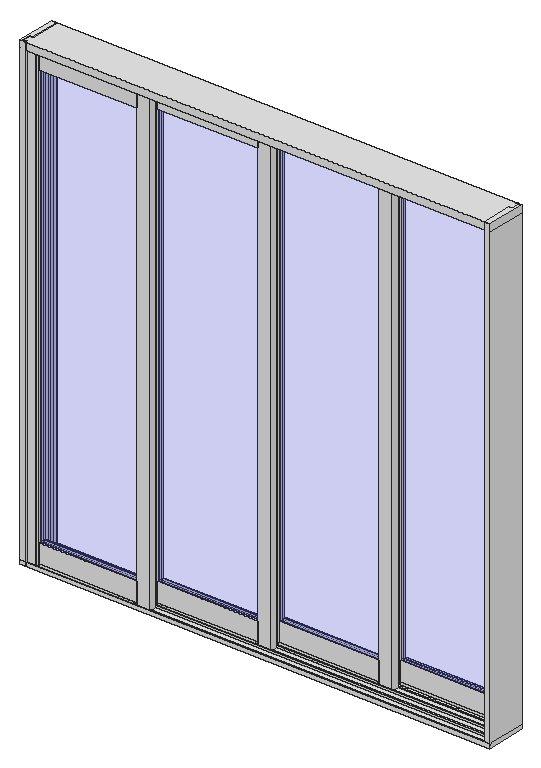
Revit family "Door-Sliding-All_Weather-Series_8100-Single_Parting", category Doors, host Wall, Revit 2026 (continued)
Definition of nested family "Nested-Panel-All_Weather-Series_8100"
  Definition of nested family "Detail-All_Weather-Series_8100_Post_Left"
    Dimensions and locks (in)
      plane 4 "Top" to Masking region 6 sketch curve to Masking region 6 sketch curve to Masking region 6 sketch curve to Masking region 6 sketch curve to Masking region 6 sketch curve to Masking region 6 sketch curve to Masking region 6 sketch curve to Masking region 6 sketch curve to Masking region 6 sketch curve to Masking region 6 sketch curve to Masking region 6 sketch curve to Masking region 6 sketch curve to Masking region 6 sketch curve to Masking region 6 sketch curve to Masking region 6 sketch curve to Masking region 6 sketch curve to Masking region 6 sketch curve to Masking region 6 sketch curve to Masking region 6 sketch curve to Masking region 6 sketch curve to Masking region 6 sketch curve to Masking region 6 sketch curve to Masking region 6 sketch curve to Masking region 6 sketch curve to Masking region 6 sketch curve to Masking region 6 sketch curve to Masking region 6 sketch curve to Masking region 6 sketch curve to Masking region 6 sketch curve to Masking region 6 sketch curve to Masking region 6 sketch curve to Masking region 6 sketch curve to Masking region 6 sketch curve to Masking region 6 sketch curve to Masking region 6 sketch curve to Masking region 6 sketch curve to Masking region 6 sketch curve to Masking region 6 sketch curve to Masking region 6 sketch curve to Masking region 6 sketch curve to Masking region 6 sketch curve to Masking region 6 sketch curve to Masking region 6 sketch curve to Masking region 6 sketch curve to Masking region 6 sketch curve to Masking region 6 sketch curve to Masking region 6 sketch curve to Masking region 6 sketch curve to Masking region 6 sketch curve to Masking region 6 sketch curve to Masking region 6 sketch curve = 0' - 0.80725" locked, 0' - 0.01406" locked, 0' - 0.0507" locked, 0' - 0" locked, 0' - 0.01004" locked, 0' - 0.02545" locked, 0' - 0" locked, 0' - 0.00976" locked, 0' - 0" locked, 0' - 0.00711" locked, 0' - 0" locked, 0' - 0.00129" locked, 0' - 0" locked, 0' - 0.00225" locked, 0' - 0" locked, 0' - 0.01711" locked, 0' - 0" locked, 0' - 0.00351" locked, 0' - 0" locked, 0' - 0.02027" locked, 0' - 0" locked, 0' - 0.01002" locked, 0' - 0.01153" locked, 0' - 0" locked, 0' - 0.01711" locked, 0' - 0" locked, 0' - 0.0035" locked, 0' - 0" locked, 0' - 0.00656" locked, 0' - 0.00198" locked, 0' - 0.03646" locked, 0' - 0.00627" locked, 0' - 0" locked, 0' - 0.04882" locked, 0' - 0.01723" locked, 0' - 0.02601" locked, 0' - 0.00415", 0' - 0.07129", 0' - 0.33521", 0' - 0.07129" locked, 0' - 0.00415" locked, 0' - 0.02601" locked, 0' - 0.01723" locked, 0' - 0.05509", 0' - 0.03646", 0' - 0.00198" locked, 0' - 0.0387", 0' - 0.03029", 0' - 0" locked, 0' - 0.02286", 0' - 0" locked
      plane 5 "Front" to Masking region 6 sketch curve to Masking region 6 sketch curve to Masking region 6 sketch curve to Masking region 6 sketch curve to Masking region 6 sketch curve to Masking region 6 sketch curve to Masking region 6 sketch curve to Masking region 6 sketch curve to Masking region 6 sketch curve to Masking region 6 sketch curve to Masking region 6 sketch curve to Masking region 6 sketch curve to Masking region 6 sketch curve to Masking region 6 sketch curve to Masking region 6 sketch curve to Masking region 6 sketch curve to Masking region 6 sketch curve to Masking region 6 sketch curve to Masking region 6 sketch curve to Masking region 6 sketch curve to Masking region 6 sketch curve to Masking region 6 sketch curve to Masking region 6 sketch curve to Masking region 6 sketch curve to Masking region 6 sketch curve to Masking region 6 sketch curve to Masking region 6 sketch curve to Masking region 6 sketch curve to Masking region 6 sketch curve to Masking region 6 sketch curve to Masking region 6 sketch curve to Masking region 6 sketch curve to Masking region 6 sketch curve to Masking region 6 sketch curve to Masking region 6 sketch curve to Masking region 6 sketch curve to Masking region 6 sketch curve to Masking region 6 sketch curve to Masking region 6 sketch curve to Masking region 6 sketch curve to Masking region 6 sketch curve to Masking region 6 sketch curve to Masking region 6 sketch curve to Masking region 6 sketch curve to Masking region 6 sketch curve to Masking region 6 sketch curve to Masking region 6 sketch curve to Masking region 6 sketch curve to Masking region 6 sketch curve to Masking region 6 sketch curve to Masking region 6 sketch curve to Masking region 6 sketch curve = 0' - 0.19863" locked, 0' - 0" locked, 0' - 0.02286" locked, 0' - 0" locked, 0' - 0.03029" locked, 0' - 0.0387" locked, 0' - 0.00198" locked, 0' - 0.03646" locked, 0' - 0.05509" locked, 0' - 0.01723" locked, 0' - 0.02601" locked, 0' - 0.00415" locked, 0' - 0.07129" locked, 0' - 0.33521" locked, 0' - 0.07129", 0' - 0.00415", 0' - 0.02601", 0' - 0.01723" locked, 0' - 0.05509", 0' - 0.03646" locked, 0' - 0.00198" locked, 0' - 0.0387", 0' - 0.03029" locked, 0' - 0" locked, 0' - 0.02286" locked, 0' - 0" locked, 0' - 0.08978" locked, 0' - 0" locked, 0' - 0.05126" locked, 0' - 0" locked, 0' - 0.0035" locked, 0' - 0" locked, 0' - 0.01711" locked, 0' - 0" locked, 0' - 0.02155" locked, 0' - 0" locked, 0' - 0.02378" locked, 0' - 0" locked, 0' - 0.01711" locked, 0' - 0" locked, 0' - 0.00354" locked, 0' - 0" locked, 0' - 0.00711" locked, 0' - 0" locked, 0' - 0.00976" locked, 0' - 0" locked, 0' - 0.02545" locked, 0' - 0.01004" locked, 0' - 0" locked, 0' - 0.0507" locked, 0' - 0" locked, 0' - 0.01406" locked
      locked: Masking region 7 sketch curve to plane 6 "Back" at 0.40021
      plane 5 "Front" to Masking region 8 sketch curve to Masking region 8 sketch curve to Masking region 8 sketch curve to Masking region 8 sketch curve to Masking region 8 sketch curve to Masking region 8 sketch curve = 0' - 0.11225" locked, 0' - 0.0421" locked, 0' - 0.09407" locked, 0' - 0.99986" locked, 0' - 0.08753" locked, 0' - 0.04701" locked
      Masking region 8 sketch curve to Masking region 8 sketch curve to plane 4 "Top" to Masking region 8 sketch curve to Masking region 8 sketch curve to Masking region 8 sketch curve to Masking region 8 sketch curve = 0' - 0.00013" locked, 0' - 0.07487" locked, 0' - 0.06035" locked, 0' - 0.00075" locked, 0' - 0.62125" locked, 0' - 0.12414" locked
      plane 4 "Top" to Masking region 4 sketch curve to Masking region 4 sketch curve to Masking region 4 sketch curve to Masking region 4 sketch curve to Masking region 4 sketch curve to Masking region 4 sketch curve to Masking region 4 sketch curve to Masking region 4 sketch curve to Masking region 4 sketch curve to Masking region 4 sketch curve to Masking region 4 sketch curve to Masking region 4 sketch curve to Masking region 4 sketch curve to Masking region 4 sketch curve to Masking region 4 sketch curve to Masking region 4 sketch curve to Masking region 4 sketch curve to Masking region 4 sketch curve to Masking region 4 sketch curve to Masking region 4 sketch curve to Masking region 4 sketch curve to Masking region 4 sketch curve to Masking region 4 sketch curve to Masking region 4 sketch curve to Masking region 4 sketch curve to Masking region 4 sketch curve to Masking region 4 sketch curve to Masking region 4 sketch curve to Masking region 4 sketch curve to Masking region 4 sketch curve to Masking region 4 sketch curve to Masking region 4 sketch curve to Masking region 4 sketch curve to Masking region 4 sketch curve to Masking region 4 sketch curve to Masking region 4 sketch curve to Masking region 4 sketch curve to Masking region 4 sketch curve to Masking region 4 sketch curve to Masking region 4 sketch curve to Masking region 4 sketch curve to Masking region 4 sketch curve to Masking region 4 sketch curve to Masking region 4 sketch curve to Masking region 4 sketch curve to Masking region 4 sketch curve to Masking region 4 sketch curve to Masking region 4 sketch curve to Masking region 4 sketch curve to Masking region 4 sketch curve to Masking region 4 sketch curve to Masking region 4 sketch curve to Masking region 4 sketch curve to Masking region 4 sketch curve to Masking region 4 sketch curve to Masking region 4 sketch curve to Masking region 4 sketch curve to Masking region 4 sketch curve to Masking region 4 sketch curve to Masking region 4 sketch curve to Masking region 4 sketch curve to Masking region 4 sketch curve to Masking region 4 sketch curve to Masking region 4 sketch curve to Masking region 4 sketch curve to Masking region 4 sketch curve to Masking region 4 sketch curve to Masking region 4 sketch curve to Masking region 4 sketch curve to Masking region 4 sketch curve to Masking region 4 sketch curve to Masking region 4 sketch curve to Masking region 4 sketch curve to Masking region 4 sketch curve to Masking region 4 sketch curve to Masking region 4 sketch curve = 0' - 0.01263" locked, 0' - 0.01062" locked, 0' - 0.03786" locked, 0' - 0" locked, 0' - 0.02" locked, 0' - 0.04682" locked, 0' - 0.00276" locked, 0' - 0.03114" locked, 0' - 0" locked, 0' - 0.0601" locked, 0' - 0" locked, 0' - 0.0339" locked, 0' - 0" locked, 0' - 0.0601" locked, 0' - 0" locked, 0' - 0.0339" locked, 0' - 0" locked, 0' - 0.0601" locked, 0' - 0" locked, 0' - 0.0339" locked, 0' - 0" locked, 0' - 0.0601" locked, 0' - 0" locked, 0' - 0.0339" locked, 0' - 0" locked, 0' - 0.06328" locked, 0' - 0" locked, 0' - 0.20227" locked, 0' - 0.00312" locked, 0' - 0.04597" locked, 0' - 0" locked, 0' - 0.07252" locked, 0' - 0" locked, 0' - 0.00984" locked, 0' - 0.06415" locked, 0' - 0.00388" locked, 0' - 0.02979" locked, 0' - 0.01064" locked, 0' - 0.00783" locked, 0' - 0.00434" locked, 0' - 0.00947" locked, 0' - 0.02985" locked, 0' - 0.02396" locked, 0' - 0.02064" locked, 0' - 0.01001" locked, 0' - 0.0153" locked, 0' - 0" locked, 0' - 0.07255" locked, 0' - 0" locked, 0' - 0" locked, 0' - 0.0083" locked, 0' - 0.04403" locked, 0' - 0" locked, 0' - 0.07517" locked, 0' - 0" locked, 0' - 0" locked, 0' - 0" locked, 0' - 0.39288" locked, 0' - 0.00786" locked, 0' - 0.01065" locked, 0' - 0.01831" locked, 0' - 0.0125" locked, 0' - 0.03585" locked, 0' - 0.00285" locked, 0' - 0.02831" locked, 0' - 0" locked, 0' - 0" locked, 0' - 0.05668" locked, 0' - 0.10017" locked, 0' - 0.04969" locked, 0' - 0.11927" locked, 0' - 0.04969" locked, 0' - 0.26835" locked, 0' - 0.02776" locked, 0' - 0.00003" locked, 0' - 0.07201" locked
      Masking region 4 sketch curve to plane 5 "Front" to Masking region 4 sketch curve to Masking region 4 sketch curve to Masking region 4 sketch curve to Masking region 4 sketch curve to Masking region 4 sketch curve to Masking region 4 sketch curve to Masking region 4 sketch curve to Masking region 4 sketch curve to Masking region 4 sketch curve to Masking region 4 sketch curve to Masking region 4 sketch curve to Masking region 4 sketch curve to Masking region 4 sketch curve to Masking region 4 sketch curve to Masking region 4 sketch curve to Masking region 4 sketch curve to Masking region 4 sketch curve to Masking region 4 sketch curve to Masking region 4 sketch curve to Masking region 4 sketch curve to Masking region 4 sketch curve to Masking region 4 sketch curve to Masking region 4 sketch curve to Masking region 4 sketch curve to Masking region 4 sketch curve to Masking region 4 sketch curve to Masking region 4 sketch curve to Masking region 4 sketch curve to Masking region 4 sketch curve to Masking region 4 sketch curve to Masking region 4 sketch curve to Masking region 4 sketch curve to Masking region 4 sketch curve to Masking region 4 sketch curve to Masking region 4 sketch curve to Masking region 4 sketch curve to Masking region 4 sketch curve to Masking region 4 sketch curve to Masking region 4 sketch curve to Masking region 4 sketch curve to Masking region 4 sketch curve to Masking region 4 sketch curve to Masking region 4 sketch curve to Masking region 4 sketch curve to Masking region 4 sketch curve to Masking region 4 sketch curve to Masking region 4 sketch curve to Masking region 4 sketch curve to Masking region 4 sketch curve to Masking region 4 sketch curve to Masking region 4 sketch curve to Masking region 4 sketch curve to Masking region 4 sketch curve to Masking region 4 sketch curve to Masking region 4 sketch curve to Masking region 4 sketch curve to Masking region 4 sketch curve to Masking region 4 sketch curve to Masking region 4 sketch curve to Masking region 4 sketch curve to Masking region 4 sketch curve to Masking region 4 sketch curve to Masking region 4 sketch curve to Masking region 4 sketch curve to Masking region 4 sketch curve to Masking region 4 sketch curve to Masking region 4 sketch curve to Masking region 4 sketch curve to Masking region 4 sketch curve to Masking region 4 sketch curve to Masking region 4 sketch curve to Masking region 4 sketch curve to Masking region 4 sketch curve to Masking region 4 sketch curve to Masking region 4 sketch curve to Masking region 4 sketch curve to Masking region 4 sketch curve to Masking region 4 sketch curve to Masking region 4 sketch curve to Masking region 4 sketch curve to Masking region 4 sketch curve = 0' - 0.00008" locked, 0' - 0.0359" locked, 0' - 0.03606" locked, 0' - 0.02743" locked, 0' - 0.05308" locked, 0' - 0" locked, 0' - 0" locked, 0' - 0" locked, 0' - 0" locked, 0' - 0.00188" locked, 0' - 0.012" locked, 0' - 0.02" locked, 0' - 0.00969" locked, 0' - 0" locked, 0' - 0" locked, 0' - 0" locked, 0' - 0.00231" locked, 0' - 0.00072" locked, 0' - 0.09784" locked, 0' - 0.00212" locked, 0' - 0.00415" locked, 0' - 0.02031" locked, 0' - 0.01893" locked, 0' - 0.00682" locked, 0' - 0.01748" locked, 0' - 0.05507" locked, 0' - 0.00106" locked, 0' - 0.06668" locked, 0' - 0.01343" locked, 0' - 0.04776" locked, 0' - 0.00188" locked, 0' - 0.29793" locked, 0' - 0.07951" locked, 0' - 0.00941" locked, 0' - 0.00189" locked, 0' - 0.06262" locked, 0' - 0.0062" locked, 0' - 0.00485" locked, 0' - 0.01906" locked, 0' - 0.00687" locked, 0' - 0.0297" locked, 0' - 0.00106" locked, 0' - 0.06648" locked, 0' - 0.00607" locked, 0' - 0.00682" locked, 0' - 0.00189" locked, 0' - 0.03081" locked, 0' - 0.0107" locked, 0' - 0.0408" locked, 0' - 0.00122" locked, 0' - 0.00047" locked, 0' - 0.05479" locked, 0' - 0.00111" locked, 0' - 0.00702" locked, 0' - 0.00231" locked, 0' - 0" locked, 0' - 0" locked, 0' - 0" locked, 0' - 0.00183" locked, 0' - 0.02" locked, 0' - 0.01178" locked, 0' - 0.00995" locked, 0' - 0" locked, 0' - 0" locked, 0' - 0" locked, 0' - 0" locked, 0' - 0.0362" locked, 0' - 0.00013" locked, 0' - 0.02528" locked, 0' - 0.03526" locked, 0' - 0.00064" locked, 0' - 0.01182" locked, 0' - 0.00197" locked, 0' - 0" locked, 0' - 0.03336" locked, 0' - 0.00044" locked, 0' - 0" locked, 0' - 0.27469" locked, 0' - 0.05308" locked, 0' - 0.00916" locked, 0' - 0.03931" locked, 0' - 0.02354" locked
      Masking region 9 sketch curve to Masking region 9 sketch curve to Masking region 9 sketch curve to Masking region 9 sketch curve to plane 6 "Back" = 0' - 0 1/32" locked, 0' - 0" locked, 0' - 0 63/256" locked, 0' - 0.19894" locked
      Masking region 9 sketch curve to Masking region 9 sketch curve to Masking region 9 sketch curve to Masking region 9 sketch curve to plane 1 "Center (Front/Back)" = 0' - 0.05344" locked, 0' - 0 5/64" locked, 0' - 0.05344" locked, 0' - 0.38711" locked
      aligned and locked: Masking region 7 sketch curve to plane 4 "Top"
      aligned and locked: Masking region 7 sketch curve to plane 5 "Front"
      aligned and locked: Masking region 7 sketch curve to plane 1 "Center (Front/Back)"
    Automatic sketch dimensions
      Masking region 6 sketch curve to plane 7 "Glass Front" = 0' - 0.04445"
      Masking region 6 sketch curve to Masking region 6 sketch curve = 0' - 0.0008"  (x2)
      Masking region 6 sketch curve to Masking region 6 sketch curve = 0' - 0.00106"
      Masking region 6 sketch curve to Masking region 6 sketch curve = 0' - 0.0315"  (x2)
      Masking region 6 sketch curve to Masking region 6 sketch curve = 0' - 0.01575"  (x2)
      Masking region 6 sketch curve to Masking region 6 sketch curve = 0' - 0.03937"
      Masking region 6 sketch curve to Masking region 6 sketch curve = 0' - 0"  (x8)
      Masking region 4 sketch curve to Masking region 4 sketch curve = 0' - 0.01745"
      Masking region 4 sketch curve to Masking region 4 sketch curve = 0' - 0.04029"
      Masking region 4 sketch curve to plane 5 "Front" = 0' - 0.05795"
      Masking region 4 sketch curve to Masking region 4 sketch curve = 0' - 0.00117"
      Masking region 4 sketch curve to Masking region 4 sketch curve = 0' - 0.03931"
      Masking region 4 sketch curve to plane 3 "Glass Intersection" = 0' - 0.1279"
      Masking region 4 sketch curve to Masking region 4 sketch curve = 0' - 0 1/256"
      Masking region 9 sketch curve to Masking region 9 sketch curve = 0' - 0 1/256"
      Masking region 9 sketch curve to Masking region 9 sketch curve = 0' - 0.00021"
      Masking region 9 sketch curve to Masking region 9 sketch curve = 0' - 0.01342"
  Definition of nested family "Detail-All_Weather-Series_8100_Door_Footer"
    Parameters (values of type "Door Footer")
      URL = "https://www.allweatheraa.com/"
      Type Comments = "5 in Thermal Strut Sliding Glass Door"  # constant formula
      Thickness = 0' - 1 1/2"  # constant formula
      Specification = ""
      Profile Offset = 0' - 1 9/256"  # constant formula
      Product Page URL = "https://www.allweatheraa.com/doors/series-8100-sliding-doors/"
      Product Name = "Series 8100"  # constant formula
      Product Documentation Link = "https://www.allweatheraa.com/download/4291/"
      Nail Fin Offset = 0' - 1 33/128"  # constant formula
      Model = "Sliding Door"  # constant formula
      Manufacturer = "All Weather Architectural Aluminum"  # constant formula
      Height = 0' - 4 109/128"  # constant formula
      Glass Thickness = 0' - 1"  # constant formula
      Glass = no
      Description = ""
      Assembly Code = "B2020100"
    Reference planes (in)
      plane 1 "Center (Front/Back)": y = -2.95639
      plane 2: z = 0
      plane 3 "Glass Intersection": y = 1.839
      plane 4 "Top": y = 2.5
      plane 5 "Front": x = -1.41797
      plane 6 "Back": x = 0.08203
      plane 7 "Glass Front": x = -1.16934
      plane 8 "Glass Back": x = -0.16934
    Lines and regions (in)
      Masking region 1, in view "Ref. Level", visible <- "Glass", detail levels fine
        outline origin (-0.66605, -0.0985, 0) x (1, 0, 0) y (0, 1, 0)
          loop
            line (-0.50329, 3.0985) -> (-0.50329, 1.9375) -> (-0.32445, 1.9375) -> (-0.32445, 3.0985) -> (-0.50329, 3.0985)
          loop
            line (0.49671, 3.0985) -> (0.31787, 3.0985) -> (0.31787, 1.9375) -> (0.49671, 1.9375) -> (0.49671, 3.0985)
      Masking region 2, in view "Ref. Level", detail levels fine
        outline origin (-0.66605, -0.0985, 0) x (1, 0, 0) y (0, 1, 0)
          loop
            line (-0.32445, 1.95572) -> (0.31955, 1.95572) -> (0.31955, 2.1811) -> (0.28749, 2.1811) -> (0.28749, 1.9861) -> (-0.2924, 1.9861) -> (-0.2924, 2.1811) -> (-0.32445, 2.1811) -> (-0.32445, 1.95572)
      Masking region 3, in view "Ref. Level", detail levels fine
        outline origin (-0.66605, -0.0985, 0) x (1, 0, 0) y (0, 1, 0)
          loop
            line (-0.2924, 2.2971) -> (-0.2924, 1.9861) -> (0.28749, 1.9861) -> (0.28749, 2.2971) -> (-0.2924, 2.2971)
          loop
            line (0.27349, 2.2831) -> (-0.2784, 2.2831) -> (-0.2784, 2.0001) -> (0.27349, 2.0001) -> (0.27349, 2.2831)
      Masking region 4, in view "Ref. Level", detail levels medium+fine
        outline origin (-0.99512, 0, 0) x (1, 0, 0) y (0, 1, 0)
          loop
            line (-0.30079, -1.41548) -> (-0.22018, -1.36894) -> (-0.14111, -1.49126) -> (-0.28485, -1.48594) -> (-0.28485, -1.88274) -> (-0.32885, -1.94057) -> (-0.32885, -2.25903) -> (-0.28091, -2.25903) -> (-0.28091, -2.63174) -> (-0.37385, -2.63174)
            arc (-0.37385, -2.63174) -> (-0.4085, -2.61739) -> (-0.42285, -2.58274) r 0.049
            line (-0.42285, -2.58274) -> (-0.42285, 2.5) -> (-0.23485, 2.5) -> (-0.23485, 2.43191) -> (-0.26871, 2.43191) -> (-0.26871, 2.40107) -> (-0.2192, 2.3378) -> (-0.26871, 2.3378) -> (-0.26871, 2.30707) -> (-0.2192, 2.2438) -> (-0.26871, 2.2438) -> (-0.26871, 2.21307) -> (-0.2192, 2.1498) -> (-0.26871, 2.1498) -> (-0.26871, 2.11907) -> (-0.2192, 2.0558) -> (-0.26871, 2.0558) -> (-0.26871, 2.02507) -> (-0.2192, 1.9618) -> (-0.30079, 1.9618) -> (-0.30079, 1.74571) -> (-0.14111, 1.75162) -> (-0.22037, 1.62901) -> (-0.3021, 1.69258) -> (-0.3021, 1.48338) -> (-0.20382, 1.54011) -> (-0.20382, 1.43539) -> (0.03531, 1.43539) -> (0.03531, 1.31115) -> (-0.28485, 1.31115) -> (-0.28485, -0.92564) -> (0.18463, -0.92564) -> (0.18463, -1.04987) -> (-0.28485, -1.04987) -> (-0.28485, -1.14199) -> (-0.20252, -1.18952) -> (-0.20252, -1.28034) -> (-0.30079, -1.2236) -> (-0.30079, -1.42069)
          loop
            line (0.95511, -1.41548) -> (0.8745, -1.36894) -> (0.79543, -1.49126) -> (0.93917, -1.48594) -> (0.93917, -1.88274) -> (0.98317, -1.94057) -> (0.98317, -2.25903) -> (0.93523, -2.25903) -> (0.93523, -2.63174) -> (1.02817, -2.63174)
            arc (1.02817, -2.63174) -> (1.06282, -2.61739) -> (1.07717, -2.58274) r 0.049
            line (1.07717, -2.58274) -> (1.07717, 2.5) -> (0.88917, 2.5) -> (0.88917, 2.43191) -> (0.92303, 2.43191) -> (0.92303, 2.40107) -> (0.87352, 2.3378) -> (0.92303, 2.3378) -> (0.92303, 2.30707) -> (0.87352, 2.2438) -> (0.92303, 2.2438) -> (0.92303, 2.21307) -> (0.87352, 2.1498) -> (0.92303, 2.1498) -> (0.92303, 2.11907) -> (0.87352, 2.0558) -> (0.92303, 2.0558) -> (0.92303, 2.02507) -> (0.87352, 1.9618) -> (0.95511, 1.9618) -> (0.95511, 1.75162) -> (0.79543, 1.75162) -> (0.87469, 1.62901) -> (0.95641, 1.69258) -> (0.95641, 1.48338) -> (0.85814, 1.54011) -> (0.85814, 1.43539) -> (0.61792, 1.43539) -> (0.61792, 1.31115) -> (0.93917, 1.31115) -> (0.93917, -0.92564) -> (0.46969, -0.92564) -> (0.46969, -1.04987) -> (0.93917, -1.04987) -> (0.93917, -1.14199) -> (0.85684, -1.18952) -> (0.85684, -1.28034) -> (0.95511, -1.2236) -> (0.95511, -1.42069)
      Masking region 5, in view "Ref. Level", detail levels fine
        outline origin (-0.99512, 0.0378, 0) x (1, 0, 0) y (0, 1, 0)
          loop
            arc (-0.17289, 1.57958) -> (-0.19836, 1.58294) -> (-0.2221, 1.59277) r 0.09843
            line (-0.2221, 1.59277) -> (-0.3021, 1.63895) -> (-0.3021, 1.44557) -> (-0.20642, 1.50081)
            arc (-0.20642, 1.50081) -> (-0.19002, 1.50511) -> (-0.17312, 1.50656) r 0.0993
            line (-0.17312, 1.50656) -> (0.82484, 1.50656)
            arc (0.82484, 1.50656) -> (0.84173, 1.50511) -> (0.85814, 1.50081) r 0.0993
            line (0.85814, 1.50081) -> (0.95381, 1.44557) -> (0.95381, 1.63895) -> (0.87382, 1.59277)
            arc (0.87382, 1.59277) -> (0.85008, 1.58294) -> (0.8246, 1.57958) r 0.09843
            line (0.8246, 1.57958) -> (-0.17289, 1.57958)
      Masking region 6, in view "Ref. Level", detail levels fine
        outline origin (-0.99381, -2.86441, 0) x (1, 0, 0) y (0, 1, 0)
          loop
            arc (-0.17289, 1.57958) -> (-0.19836, 1.58294) -> (-0.2221, 1.59277) r 0.09843
            line (-0.2221, 1.59277) -> (-0.3021, 1.63895) -> (-0.3021, 1.44557) -> (-0.20642, 1.50081)
            arc (-0.20642, 1.50081) -> (-0.19002, 1.50511) -> (-0.17312, 1.50656) r 0.0993
            line (-0.17312, 1.50656) -> (0.82484, 1.50656)
            arc (0.82484, 1.50656) -> (0.84173, 1.50511) -> (0.85814, 1.50081) r 0.0993
            line (0.85814, 1.50081) -> (0.95381, 1.44557) -> (0.95381, 1.63895) -> (0.87382, 1.59277)
            arc (0.87382, 1.59277) -> (0.85008, 1.58294) -> (0.8246, 1.57958) r 0.09843
            line (0.8246, 1.57958) -> (-0.17289, 1.57958)
      Masking region 7, in view "Ref. Level", detail levels fine
        outline origin (0, 0, 0) x (1, 0, 0) y (0, 1, 0)
          loop
            circle (-0.66797, -1.01731) r 0.16435
          loop
            circle (-0.66797, -0.08602) r 0.30189
          loop
            circle (-0.66797, 0.80223) r 0.16435
      Masking region 8, in view "Ref. Level", detail levels coarse
        outline origin (0, 0, 0) x (1, 0, 0) y (0, 1, 0)
          loop
            line (-1.41797, 2.5) -> (-1.41797, -2.63174) -> (0.08203, -2.63174) -> (0.08203, 2.5) -> (-1.41797, 2.5)
    Dimensions and locks (in)
      plane 4 "Top" to plane 3 "Glass Intersection" = 0' - 0.661"  (x2)
      "Thickness": plane 5 "Front" to plane 6 "Back"
      locked: plane 5 "Front" to plane 7 "Glass Front" at 0.24862
      "Glass Thickness": plane 7 "Glass Front" to plane 8 "Glass Back"
      Masking region 3 sketch curve to Masking region 3 sketch curve to Masking region 3 sketch curve to Masking region 3 sketch curve to plane 4 "Top" = 0' - 0.014" locked, 0' - 0.283" locked, 0' - 0.014" locked, 0' - 0.3014" locked
      plane 7 "Glass Front" to Masking region 3 sketch curve to Masking region 3 sketch curve to Masking region 3 sketch curve to Masking region 3 sketch curve = 0' - 0.2109" locked, 0' - 0.014" locked, 0' - 0.55189" locked, 0' - 0.014" locked
      plane 7 "Glass Front" to Masking region 2 sketch curve to Masking region 2 sketch curve to Masking region 2 sketch curve to Masking region 2 sketch curve = 0' - 0.17884" locked, 0' - 0.03206" locked, 0' - 0.57989" locked, 0' - 0.03206" locked
      plane 4 "Top" to Masking region 2 sketch curve to Masking region 2 sketch curve to Masking region 2 sketch curve to Masking region 2 sketch curve = 0' - 0.4174" locked, 0' - 0" locked, 0' - 0.195" locked, 0' - 0.03038" locked
      plane 7 "Glass Front" to Masking region 1 sketch curve to Masking region 1 sketch curve to Masking region 1 sketch curve to Masking region 1 sketch curve = 0' - 0" locked, 0' - 0.17884" locked, 0' - 0.64232" locked, 0' - 0.17884" locked
      Masking region 1 sketch curve to Masking region 1 sketch curve to plane 4 "Top" to Masking region 1 sketch curve to Masking region 1 sketch curve = 0' - 0" locked, 0' - 0 1/2" locked, 0' - 0.661" locked, 0' - 0" locked
      plane 1 "Center (Front/Back)" to plane 4 "Top" = 0' - 5.45639"
      plane 4 "Top" to plane 1 "Center (Front/Back)" = 0' - 5.45639"
      plane 5 "Front" to Masking region 5 sketch curve to Masking region 5 sketch curve to Masking region 5 sketch curve to Masking region 5 sketch curve to Masking region 5 sketch curve to Masking region 5 sketch curve to Masking region 5 sketch curve to Masking region 5 sketch curve to Masking region 5 sketch curve to Masking region 5 sketch curve = 0' - 0.12076", 0' - 0.07999" locked, 0' - 0.01568" locked, 0' - 0.0333" locked, 0' - 0.00023" locked, 0' - 0.99749" locked, 0' - 0.00023" locked, 0' - 0.0333" locked, 0' - 0.01568" locked, 0' - 0.07999" locked
      plane 4 "Top" to Masking region 5 sketch curve to Masking region 5 sketch curve to Masking region 5 sketch curve to Masking region 5 sketch curve to Masking region 5 sketch curve to Masking region 5 sketch curve to Masking region 5 sketch curve to Masking region 5 sketch curve to Masking region 5 sketch curve to Masking region 5 sketch curve = 0' - 0.82324" locked, 0' - 0" locked, 0' - 0.04618" locked, 0' - 0" locked, 0' - 0.01319" locked, 0' - 0.07302" locked, 0' - 0.00575" locked, 0' - 0" locked, 0' - 0.05524" locked, 0' - 0" locked
      plane 5 "Front" to Masking region 6 sketch curve to Masking region 6 sketch curve to Masking region 6 sketch curve to Masking region 6 sketch curve to Masking region 6 sketch curve to Masking region 6 sketch curve to Masking region 6 sketch curve to Masking region 6 sketch curve to Masking region 6 sketch curve to Masking region 6 sketch curve = 0' - 0.12206", 0' - 0.07999" locked, 0' - 0.01568" locked, 0' - 0.0333" locked, 0' - 0.00023" locked, 0' - 0.99749" locked, 0' - 0.00023" locked, 0' - 0.0333" locked, 0' - 0.01568" locked, 0' - 0.07999" locked
      plane 4 "Top" to Masking region 6 sketch curve to Masking region 6 sketch curve to Masking region 6 sketch curve to Masking region 6 sketch curve to Masking region 6 sketch curve to Masking region 6 sketch curve to Masking region 6 sketch curve = 0' - 3.72546" locked, 0' - 0.04618" locked, 0' - 0" locked, 0' - 0.01319" locked, 0' - 0.07877" locked, 0' - 0" locked, 0' - 0.05524" locked
      Masking region 4 sketch curve to plane 5 "Front" to Masking region 4 sketch curve to Masking region 4 sketch curve to Masking region 4 sketch curve to Masking region 4 sketch curve to Masking region 4 sketch curve to Masking region 4 sketch curve to Masking region 4 sketch curve to Masking region 4 sketch curve to Masking region 4 sketch curve to Masking region 4 sketch curve to Masking region 4 sketch curve to Masking region 4 sketch curve to Masking region 4 sketch curve to Masking region 4 sketch curve to Masking region 4 sketch curve to Masking region 4 sketch curve to Masking region 4 sketch curve to Masking region 4 sketch curve to Masking region 4 sketch curve to Masking region 4 sketch curve to Masking region 4 sketch curve to Masking region 4 sketch curve to Masking region 4 sketch curve to Masking region 4 sketch curve to Masking region 4 sketch curve to Masking region 4 sketch curve to Masking region 4 sketch curve to Masking region 4 sketch curve to Masking region 4 sketch curve to Masking region 4 sketch curve to Masking region 4 sketch curve to Masking region 4 sketch curve to Masking region 4 sketch curve to Masking region 4 sketch curve to Masking region 4 sketch curve to Masking region 4 sketch curve to Masking region 4 sketch curve to Masking region 4 sketch curve to Masking region 4 sketch curve to Masking region 4 sketch curve to Masking region 4 sketch curve to Masking region 4 sketch curve to Masking region 4 sketch curve to Masking region 4 sketch curve to Masking region 4 sketch curve to Masking region 4 sketch curve to Masking region 4 sketch curve to Masking region 4 sketch curve to Masking region 4 sketch curve to Masking region 4 sketch curve to Masking region 4 sketch curve to Masking region 4 sketch curve to Masking region 4 sketch curve to Masking region 4 sketch curve to Masking region 4 sketch curve = 0' - 0" locked, 0' - 0.049" locked, 0' - 0.045" locked, 0' - 0.02676" locked, 0' - 0.0013" locked, 0' - 0" locked, 0' - 0.01594" locked, 0' - 0" locked, 0' - 0" locked, 0' - 0.01614" locked, 0' - 0" locked, 0' - 0" locked, 0' - 0" locked, 0' - 0" locked, 0' - 0.03386" locked, 0' - 0.01448" locked, 0' - 0.00019" locked, 0' - 0.00098" locked, 0' - 0" locked, 0' - 0" locked, 0' - 0" locked, 0' - 0" locked, 0' - 0.01538" locked, 0' - 0.0013" locked, 0' - 0.06141" locked, 0' - 0" locked, 0' - 0.17642" locked, 0' - 0.14932" locked, 0' - 0.28506" locked, 0' - 0.14823" locked, 0' - 0.17751" locked, 0' - 0" locked, 0' - 0.06141" locked, 0' - 0.0013" locked, 0' - 0.01538" locked, 0' - 0" locked, 0' - 0" locked, 0' - 0" locked, 0' - 0" locked, 0' - 0.00098" locked, 0' - 0.00019" locked, 0' - 0.01448" locked, 0' - 0.03386" locked, 0' - 0" locked, 0' - 0" locked, 0' - 0" locked, 0' - 0" locked, 0' - 0.01614" locked, 0' - 0" locked, 0' - 0" locked, 0' - 0.01594" locked, 0' - 0" locked, 0' - 0.0013" locked, 0' - 0.02676" locked, 0' - 0.045" locked, 0' - 0.049" locked
      plane 4 "Top" to Masking region 4 sketch curve to Masking region 4 sketch curve to Masking region 4 sketch curve to Masking region 4 sketch curve to Masking region 4 sketch curve to Masking region 4 sketch curve to Masking region 4 sketch curve to Masking region 4 sketch curve to Masking region 4 sketch curve to Masking region 4 sketch curve to Masking region 4 sketch curve to Masking region 4 sketch curve to Masking region 4 sketch curve to Masking region 4 sketch curve to Masking region 4 sketch curve to Masking region 4 sketch curve to Masking region 4 sketch curve to Masking region 4 sketch curve to Masking region 4 sketch curve to Masking region 4 sketch curve to Masking region 4 sketch curve to Masking region 4 sketch curve to Masking region 4 sketch curve to Masking region 4 sketch curve to Masking region 4 sketch curve to Masking region 4 sketch curve to Masking region 4 sketch curve to Masking region 4 sketch curve to Masking region 4 sketch curve to Masking region 4 sketch curve to Masking region 4 sketch curve to Masking region 4 sketch curve to Masking region 4 sketch curve to Masking region 4 sketch curve to Masking region 4 sketch curve to Masking region 4 sketch curve to Masking region 4 sketch curve to Masking region 4 sketch curve to Masking region 4 sketch curve to Masking region 4 sketch curve to Masking region 4 sketch curve to Masking region 4 sketch curve to Masking region 4 sketch curve to Masking region 4 sketch curve to Masking region 4 sketch curve to Masking region 4 sketch curve to Masking region 4 sketch curve to Masking region 4 sketch curve to Masking region 4 sketch curve to Masking region 4 sketch curve to Masking region 4 sketch curve to Masking region 4 sketch curve to Masking region 4 sketch curve to Masking region 4 sketch curve to Masking region 4 sketch curve to Masking region 4 sketch curve to Masking region 4 sketch curve to Masking region 4 sketch curve to Masking region 4 sketch curve to Masking region 4 sketch curve to Masking region 4 sketch curve to Masking region 4 sketch curve to Masking region 4 sketch curve to Masking region 4 sketch curve to Masking region 4 sketch curve to Masking region 4 sketch curve to Masking region 4 sketch curve to Masking region 4 sketch curve to Masking region 4 sketch curve = 0' - 0" locked, 0' - 0" locked, 0' - 0.06809" locked, 0' - 0" locked, 0' - 0.03084" locked, 0' - 0" locked, 0' - 0.06326" locked, 0' - 0" locked, 0' - 0.03074" locked, 0' - 0" locked, 0' - 0.06326" locked, 0' - 0" locked, 0' - 0.03074" locked, 0' - 0" locked, 0' - 0.06326" locked, 0' - 0" locked, 0' - 0.03074" locked, 0' - 0" locked, 0' - 0.06326" locked, 0' - 0" locked, 0' - 0.03074" locked, 0' - 0" locked, 0' - 0.06326" locked, 0' - 0" locked, 0' - 0.21018" locked, 0' - 0" locked, 0' - 0.00591" locked, 0' - 0.05313" locked, 0' - 0" locked, 0' - 0.06357" locked, 0' - 0" locked, 0' - 0.0889" locked, 0' - 0" locked, 0' - 0.05674" locked, 0' - 0" locked, 0' - 0.04799" locked, 0' - 0" locked, 0' - 0.12424" locked, 0' - 0" locked, 0' - 2.23679" locked, 0' - 0" locked, 0' - 0.12424" locked, 0' - 0" locked, 0' - 0.09211" locked, 0' - 0" locked, 0' - 0.04753" locked, 0' - 0" locked, 0' - 0.03408" locked, 0' - 0" locked, 0' - 0.05674" locked, 0' - 0" locked, 0' - 0.0886" locked, 0' - 0" locked, 0' - 0.05175" locked, 0' - 0" locked, 0' - 0.06525" locked, 0' - 0" locked, 0' - 0.00532" locked, 0' - 0" locked, 0' - 0.39148", 0' - 0" locked, 0' - 0.05783" locked, 0' - 0" locked, 0' - 0.31846" locked, 0' - 0" locked, 0' - 0.32371" locked, 0' - 0" locked, 0' - 0.049" locked, 0' - 0" locked
      plane 5 "Front" to Masking region 7 sketch curve to Masking region 7 sketch curve to Masking region 7 sketch curve to Masking region 7 sketch curve to Masking region 7 sketch curve to Masking region 7 sketch curve = 0' - 0 3/4" locked, 0' - 0" locked, 0' - 0" locked, 0' - 0.16435" locked, 0' - 0" locked, 0' - 0.13754" locked
      plane 1 "Center (Front/Back)" to Masking region 7 sketch curve to Masking region 7 sketch curve to Masking region 7 sketch curve = 0' - 1.77473" locked, 0' - 0.79375" locked, 0' - 1.02579" locked
      locked: Masking region 8 sketch curve to plane 1 "Center (Front/Back)" at 0.32465
      aligned and locked: plane 6 "Back" to Masking region 8 sketch curve
      aligned and locked: Masking region 8 sketch curve to plane 5 "Front"
      aligned and locked: Masking region 8 sketch curve to plane 4 "Top"
    Automatic sketch dimensions
      Masking region 6 sketch curve to Masking region 6 sketch curve = 0' - 0.03831"  (x2)
      Masking region 6 sketch curve to Masking region 6 sketch curve = 0' - 0.04618"
      Masking region 4 sketch curve to Masking region 4 sketch curve = 0' - 0.09294"
      Masking region 4 sketch curve to Masking region 4 sketch curve = 0' - 0.04794"
      Masking region 4 sketch curve to Masking region 4 sketch curve = 0' - 0.00521"  (x2)
Definition of nested family "Detail-All_Weather-Series_8100_Jamb"
  Parameters (values of type "Header")
    URL = "https://www.allweatheraa.com/"
    Type Comments = "5 in Thermal Strut Sliding Glass Door"  # constant formula
    Thickness = 0' - 4"
    Specification = "https://www.allweatheraa.com/doors/series-8100-sliding-doors/"
    Profile Offset = 0' - 1 9/256"  # constant formula
    Product Page URL = "https://www.allweatheraa.com/architects/architectural-manual/"
    Product Name = "Series 8100"  # constant formula
    Product Documentation Link = "https://www.allweatheraa.com/download/4291/"
    Nail Fin Offset = 0' - 1 33/128"  # constant formula
    Jamb = no
    Header = not(Jamb)  # yes
    Model = "Sliding Door"  # constant formula
    Manufacturer = "All Weather Architectural Aluminum"  # constant formula
    Height = if(Jamb, 0' 1 15/128", 0' 1 143/256")  # 0' - 1 143/256"
    Glass Thickness = 0' - 1"  # constant formula
    Description = if(and([3 Track], Header), "3 Track Header", if(and([2 Track], Header), "2 Track Header", if(and([3 Track], Jamb), "3 Track Jamb", "2 Track Jamb")))  # "2 Track Header"
    Assembly Code = "B2020100"
    4 Track = Thickness > 0' 6"  # no
    3 Track = Thickness > 0' 4"  # no
    2 Track = Thickness > 0' 1"  # yes
  Types (2): name | Jamb | Header | Height | Description
    Jamb | yes | no | 0' - 1 15/128" | "2 Track Jamb"
    Header | no | yes | 0' - 1 143/256" | "2 Track Header"
  Reference planes (in)
    plane 1 "Center (Front/Back)": y = 0.94141
    plane 2: z = 0
    plane 3 "Top": y = 2.5
    plane 4 "Front": x = -1.41797
    plane 5: x = 2.58203
    plane 6: x = -0.42783
    plane 7: x = 1.57217
    plane 8: x = 1.513
    plane 9: x = 3.57217
  Lines and regions (in)
    Masking region 1, in view "Ref. Level", visible <- "2 Track", detail levels medium+fine
      outline origin (0, 0, 0) x (1, 0, 0) y (0, 1, 0)
        loop
          line (-1.25895, 2.5) -> (-1.41797, 2.5) -> (-1.41797, 1.29722) -> (-1.38674, 1.29722) -> (-1.37618, 1.34692) -> (-1.31858, 1.34692) -> (-1.31858, 1.12528) -> (-1.41797, 1.12528) -> (-1.41797, 0.97247) -> (-1.37082, 0.97247) -> (-1.37082, 1.06564) -> (-1.31858, 1.06564) -> (-1.31858, 0.94141) -> (-0.54433, 0.94141) -> (-0.54433, 1.03881)
          arc (-0.54433, 1.03881) -> (-0.55788, 1.06094) -> (-0.58374, 1.05894) r 0.02485
          line (-0.58374, 1.05894) -> (-0.62375, 1.01893) -> (-0.71131, 1.01893)
          arc (-0.71131, 1.01893) -> (-0.73309, 1.02795) -> (-0.74212, 1.04974) r 0.03081
          line (-0.74212, 1.04974) -> (-0.74212, 1.23162)
          arc (-0.74212, 1.23162) -> (-0.73309, 1.25341) -> (-0.71131, 1.26244) r 0.03081
          line (-0.71131, 1.26244) -> (-0.62375, 1.26244) -> (-0.58374, 1.22243)
          arc (-0.58374, 1.22243) -> (-0.55788, 1.22043) -> (-0.54433, 1.24256) r 0.02485
          line (-0.54433, 1.24256) -> (-0.54433, 1.31298) -> (-1.24901, 1.31298) -> (-1.24901, 1.41649) -> (-1.3484, 1.41649) -> (-1.3484, 2.1581) -> (-1.25895, 2.1581) -> (-1.25895, 2.26742) -> (-1.2987, 2.26742) -> (-1.2987, 2.21972) -> (-1.3484, 2.21972) -> (-1.3484, 2.43838) -> (-1.2987, 2.43838) -> (-1.2987, 2.39067) -> (-1.25895, 2.39067) -> (-1.25895, 2.5)
        loop
          line (0.42281, 2.5) -> (0.42281, 2.39067) -> (0.46257, 2.39067) -> (0.46257, 2.43838) -> (0.51227, 2.43838) -> (0.51227, 2.21972) -> (0.46257, 2.21972) -> (0.46257, 2.26742) -> (0.42281, 2.26742) -> (0.42281, 2.1581) -> (0.51227, 2.1581) -> (0.51227, 1.31298) -> (-0.2918, 1.31298) -> (-0.2918, 1.24256)
          arc (-0.2918, 1.24256) -> (-0.27825, 1.22043) -> (-0.25239, 1.22243) r 0.02485
          line (-0.25239, 1.22243) -> (-0.21238, 1.26244) -> (-0.12482, 1.26244)
          arc (-0.12482, 1.26244) -> (-0.10304, 1.25341) -> (-0.09401, 1.23162) r 0.03081
          line (-0.09401, 1.23162) -> (-0.09401, 1.04974)
          arc (-0.09401, 1.04974) -> (-0.10304, 1.02795) -> (-0.12482, 1.01893) r 0.03081
          line (-0.12482, 1.01893) -> (-0.21238, 1.01893) -> (-0.25239, 1.05894)
          arc (-0.25239, 1.05894) -> (-0.27825, 1.06094) -> (-0.2918, 1.03881) r 0.02485
          line (-0.2918, 1.03881) -> (-0.2918, 0.94141) -> (0.47251, 0.94141) -> (0.47251, 1.06564) -> (0.53469, 1.06564) -> (0.53469, 0.97247) -> (0.58184, 0.97247) -> (0.58184, 1.22784) -> (0.66428, 1.22784) -> (0.66428, 1.33717) -> (0.63314, 1.33717) -> (0.61889, 1.28748) -> (0.58184, 1.28748) -> (0.58184, 2.5) -> (0.42281, 2.5)
    Masking region 2, in view "Ref. Level", visible <- "2 Track", detail levels fine
      outline origin (0, 0, 0) x (1, 0, 0) y (0, 1, 0)
        loop
          line (-1.24901, 1.2436) -> (-1.24901, 1.01117) -> (-0.81169, 1.01117) -> (-0.81169, 1.2436) -> (-1.24901, 1.2436)
        loop
          line (0.50039, 1.2436) -> (-0.03631, 1.2436) -> (-0.03631, 1.01117) -> (0.401, 1.01117) -> (0.401, 1.12547) -> (0.50039, 1.12547) -> (0.50039, 1.2436)
    Masking region 3, in view "Ref. Level", visible <- "2 Track", detail levels coarse
      outline origin (0, 0, 0) x (1, 0, 0) y (0, 1, 0)
        loop
          line (-1.41797, 2.5) -> (-1.41797, 0.94141) -> (2.58203, 0.94141) -> (2.58203, 2.5) -> (-1.41797, 2.5)
    Masking region 4, in view "Ref. Level", visible <- "2 Track", detail levels fine
      outline origin (0, 0, 0) x (1, 0, 0) y (0, 1, 0)
        loop
          line (-1.2987, 2.36763) -> (-1.2987, 2.43838) -> (-1.3484, 2.43838) -> (-1.3484, 2.21972) -> (-1.2987, 2.21972) -> (-1.2987, 2.28862) -> (-1.16316, 2.28122) -> (-1.16316, 2.37517) -> (-1.2987, 2.36763)
        loop
          line (0.46257, 2.36763) -> (0.32703, 2.37517) -> (0.32703, 2.28122) -> (0.46257, 2.28862) -> (0.46257, 2.21972) -> (0.51227, 2.21972) -> (0.51227, 2.43838) -> (0.46257, 2.43838) -> (0.46257, 2.36763)
    Masking region 5, in view "Ref. Level", visible <- "2 Track", detail levels fine
      outline origin (0, 0, 0) x (1, 0, 0) y (0, 1, 0)
        loop
          line (-0.54433, 1.27411) -> (-0.54433, 1.24256)
          arc (-0.54433, 1.24256) -> (-0.55788, 1.22043) -> (-0.58374, 1.22243) r 0.02485
          line (-0.58374, 1.22243) -> (-0.62375, 1.26244) -> (-0.71131, 1.26244)
          arc (-0.71131, 1.26244) -> (-0.73309, 1.25341) -> (-0.74212, 1.23162) r 0.03081
          line (-0.74212, 1.23162) -> (-0.74212, 1.04974)
          arc (-0.74212, 1.04974) -> (-0.73309, 1.02795) -> (-0.71131, 1.01893) r 0.03081
          line (-0.71131, 1.01893) -> (-0.62375, 1.01893) -> (-0.58374, 1.05894)
          arc (-0.58374, 1.05894) -> (-0.55788, 1.06094) -> (-0.54433, 1.03881) r 0.02485
          line (-0.54433, 1.03881) -> (-0.54433, 1.00721) -> (-0.2918, 1.00721) -> (-0.2918, 1.03881)
          arc (-0.2918, 1.03881) -> (-0.27825, 1.06094) -> (-0.25239, 1.05894) r 0.02485
          line (-0.25239, 1.05894) -> (-0.21238, 1.01893) -> (-0.12482, 1.01893)
          arc (-0.12482, 1.01893) -> (-0.10304, 1.02795) -> (-0.09401, 1.04974) r 0.03081
          line (-0.09401, 1.04974) -> (-0.09401, 1.23162)
          arc (-0.09401, 1.23162) -> (-0.10304, 1.25341) -> (-0.12482, 1.26244) r 0.03081
          line (-0.12482, 1.26244) -> (-0.21238, 1.26244) -> (-0.25239, 1.22243)
          arc (-0.25239, 1.22243) -> (-0.27825, 1.22043) -> (-0.2918, 1.24256) r 0.02485
          line (-0.2918, 1.24256) -> (-0.2918, 1.27411) -> (-0.54433, 1.27411)
    Masking region 6, in view "Ref. Level", visible <- "2 Track", detail levels fine
      outline origin (2, 0, 0) x (1, 0, 0) y (0, 1, 0)
        loop
          line (-1.24901, 1.2436) -> (-1.24901, 1.01117) -> (-0.81169, 1.01117) -> (-0.81169, 1.2436) -> (-1.24901, 1.2436)
        loop
          line (0.50039, 1.2436) -> (-0.03631, 1.2436) -> (-0.03631, 1.01117) -> (0.401, 1.01117) -> (0.401, 1.12547) -> (0.50039, 1.12547) -> (0.50039, 1.2436)
    Masking region 7, in view "Ref. Level", visible <- "2 Track", detail levels fine
      outline origin (2, 0, 0) x (1, 0, 0) y (0, 1, 0)
        loop
          line (-0.54433, 1.27411) -> (-0.54433, 1.24256)
          arc (-0.54433, 1.24256) -> (-0.55788, 1.22043) -> (-0.58374, 1.22243) r 0.02485
          line (-0.58374, 1.22243) -> (-0.62375, 1.26244) -> (-0.71131, 1.26244)
          arc (-0.71131, 1.26244) -> (-0.73309, 1.25341) -> (-0.74212, 1.23162) r 0.03081
          line (-0.74212, 1.23162) -> (-0.74212, 1.04974)
          arc (-0.74212, 1.04974) -> (-0.73309, 1.02795) -> (-0.71131, 1.01893) r 0.03081
          line (-0.71131, 1.01893) -> (-0.62375, 1.01893) -> (-0.58374, 1.05894)
          arc (-0.58374, 1.05894) -> (-0.55788, 1.06094) -> (-0.54433, 1.03881) r 0.02485
          line (-0.54433, 1.03881) -> (-0.54433, 1.00721) -> (-0.2918, 1.00721) -> (-0.2918, 1.03881)
          arc (-0.2918, 1.03881) -> (-0.27825, 1.06094) -> (-0.25239, 1.05894) r 0.02485
          line (-0.25239, 1.05894) -> (-0.21238, 1.01893) -> (-0.12482, 1.01893)
          arc (-0.12482, 1.01893) -> (-0.10304, 1.02795) -> (-0.09401, 1.04974) r 0.03081
          line (-0.09401, 1.04974) -> (-0.09401, 1.23162)
          arc (-0.09401, 1.23162) -> (-0.10304, 1.25341) -> (-0.12482, 1.26244) r 0.03081
          line (-0.12482, 1.26244) -> (-0.21238, 1.26244) -> (-0.25239, 1.22243)
          arc (-0.25239, 1.22243) -> (-0.27825, 1.22043) -> (-0.2918, 1.24256) r 0.02485
          line (-0.2918, 1.24256) -> (-0.2918, 1.27411) -> (-0.54433, 1.27411)
    Masking region 8, in view "Ref. Level", visible <- "2 Track", detail levels medium+fine
      outline origin (2.75, 0, 0) x (1, 0, 0) y (0, 1, 0)
        loop
          line (-2.00914, 2.5) -> (-2.16816, 2.5) -> (-2.16816, 1.29722) -> (-2.13693, 1.29722) -> (-2.12637, 1.34692) -> (-2.06877, 1.34692) -> (-2.06877, 1.12528) -> (-2.16816, 1.12528) -> (-2.16816, 0.97247) -> (-2.12102, 0.97247) -> (-2.12102, 1.06564) -> (-2.06877, 1.06564) -> (-2.06877, 0.94141) -> (-1.29453, 0.94141) -> (-1.29453, 1.03881)
          arc (-1.29453, 1.03881) -> (-1.30807, 1.06094) -> (-1.33394, 1.05894) r 0.02485
          line (-1.33394, 1.05894) -> (-1.37395, 1.01893) -> (-1.4615, 1.01893)
          arc (-1.4615, 1.01893) -> (-1.48329, 1.02795) -> (-1.49231, 1.04974) r 0.03081
          line (-1.49231, 1.04974) -> (-1.49231, 1.23162)
          arc (-1.49231, 1.23162) -> (-1.48329, 1.25341) -> (-1.4615, 1.26244) r 0.03081
          line (-1.4615, 1.26244) -> (-1.37395, 1.26244) -> (-1.33394, 1.22243)
          arc (-1.33394, 1.22243) -> (-1.30807, 1.22043) -> (-1.29453, 1.24256) r 0.02485
          line (-1.29453, 1.24256) -> (-1.29453, 1.31298) -> (-1.9992, 1.31298) -> (-1.9992, 1.41649) -> (-2.09859, 1.41649) -> (-2.09859, 2.1581) -> (-2.00914, 2.1581) -> (-2.00914, 2.26742) -> (-2.04889, 2.26742) -> (-2.04889, 2.21972) -> (-2.09859, 2.21972) -> (-2.09859, 2.43838) -> (-2.04889, 2.43838) -> (-2.04889, 2.39067) -> (-2.00914, 2.39067) -> (-2.00914, 2.5)
        loop
          line (-0.32738, 2.5) -> (-0.32738, 2.39067) -> (-0.28762, 2.39067) -> (-0.28762, 2.43838) -> (-0.23793, 2.43838) -> (-0.23793, 2.21972) -> (-0.28762, 2.21972) -> (-0.28762, 2.26742) -> (-0.32738, 2.26742) -> (-0.32738, 2.1581) -> (-0.23793, 2.1581) -> (-0.23793, 1.31298) -> (-1.04199, 1.31298) -> (-1.04199, 1.24256)
          arc (-1.04199, 1.24256) -> (-1.02845, 1.22043) -> (-1.00258, 1.22243) r 0.02485
          line (-1.00258, 1.22243) -> (-0.96257, 1.26244) -> (-0.87502, 1.26244)
          arc (-0.87502, 1.26244) -> (-0.85323, 1.25341) -> (-0.8442, 1.23162) r 0.03081
          line (-0.8442, 1.23162) -> (-0.8442, 1.04974)
          arc (-0.8442, 1.04974) -> (-0.85323, 1.02795) -> (-0.87502, 1.01893) r 0.03081
          line (-0.87502, 1.01893) -> (-0.96257, 1.01893) -> (-1.00258, 1.05894)
          arc (-1.00258, 1.05894) -> (-1.02845, 1.06094) -> (-1.04199, 1.03881) r 0.02485
          line (-1.04199, 1.03881) -> (-1.04199, 0.94141) -> (-0.27768, 0.94141) -> (-0.27768, 1.06564) -> (-0.2155, 1.06564) -> (-0.2155, 0.97247) -> (-0.16835, 0.97247) -> (-0.16835, 1.22784) -> (-0.08591, 1.22784) -> (-0.08591, 1.33717) -> (-0.11705, 1.33717) -> (-0.1313, 1.28748) -> (-0.16835, 1.28748) -> (-0.16835, 2.5) -> (-0.32738, 2.5)
    Masking region 9, in view "Ref. Level", visible <- "2 Track", detail levels fine
      outline origin (2, 0, 0) x (1, 0, 0) y (0, 1, 0)
        loop
          line (-1.2987, 2.36763) -> (-1.2987, 2.43838) -> (-1.3484, 2.43838) -> (-1.3484, 2.21972) -> (-1.2987, 2.21972) -> (-1.2987, 2.28862) -> (-1.16316, 2.28122) -> (-1.16316, 2.37517) -> (-1.2987, 2.36763)
        loop
          line (0.46257, 2.36763) -> (0.32703, 2.37517) -> (0.32703, 2.28122) -> (0.46257, 2.28862) -> (0.46257, 2.21972) -> (0.51227, 2.21972) -> (0.51227, 2.43838) -> (0.46257, 2.43838) -> (0.46257, 2.36763)
    Masking region 10, in view "Ref. Level", visible <- "3 Track", detail levels fine
      outline origin (4, 0, 0) x (1, 0, 0) y (0, 1, 0)
        loop
          line (-1.24901, 1.2436) -> (-1.24901, 1.01117) -> (-0.81169, 1.01117) -> (-0.81169, 1.2436) -> (-1.24901, 1.2436)
        loop
          line (0.50039, 1.2436) -> (-0.03631, 1.2436) -> (-0.03631, 1.01117) -> (0.401, 1.01117) -> (0.401, 1.12547) -> (0.50039, 1.12547) -> (0.50039, 1.2436)
    Masking region 11, in view "Ref. Level", visible <- "3 Track", detail levels fine
      outline origin (4, 0, 0) x (1, 0, 0) y (0, 1, 0)
        loop
          line (-0.54433, 1.27411) -> (-0.54433, 1.24256)
          arc (-0.54433, 1.24256) -> (-0.55788, 1.22043) -> (-0.58374, 1.22243) r 0.02485
          line (-0.58374, 1.22243) -> (-0.62375, 1.26244) -> (-0.71131, 1.26244)
          arc (-0.71131, 1.26244) -> (-0.73309, 1.25341) -> (-0.74212, 1.23162) r 0.03081
          line (-0.74212, 1.23162) -> (-0.74212, 1.04974)
          arc (-0.74212, 1.04974) -> (-0.73309, 1.02795) -> (-0.71131, 1.01893) r 0.03081
          line (-0.71131, 1.01893) -> (-0.62375, 1.01893) -> (-0.58374, 1.05894)
          arc (-0.58374, 1.05894) -> (-0.55788, 1.06094) -> (-0.54433, 1.03881) r 0.02485
          line (-0.54433, 1.03881) -> (-0.54433, 1.00721) -> (-0.2918, 1.00721) -> (-0.2918, 1.03881)
          arc (-0.2918, 1.03881) -> (-0.27825, 1.06094) -> (-0.25239, 1.05894) r 0.02485
          line (-0.25239, 1.05894) -> (-0.21238, 1.01893) -> (-0.12482, 1.01893)
          arc (-0.12482, 1.01893) -> (-0.10304, 1.02795) -> (-0.09401, 1.04974) r 0.03081
          line (-0.09401, 1.04974) -> (-0.09401, 1.23162)
          arc (-0.09401, 1.23162) -> (-0.10304, 1.25341) -> (-0.12482, 1.26244) r 0.03081
          line (-0.12482, 1.26244) -> (-0.21238, 1.26244) -> (-0.25239, 1.22243)
          arc (-0.25239, 1.22243) -> (-0.27825, 1.22043) -> (-0.2918, 1.24256) r 0.02485
          line (-0.2918, 1.24256) -> (-0.2918, 1.27411) -> (-0.54433, 1.27411)
    Masking region 12, in view "Ref. Level", visible <- "3 Track", detail levels medium+fine
      outline origin (4.75, 0, 0) x (1, 0, 0) y (0, 1, 0)
        loop
          line (-2.00914, 2.5) -> (-2.16816, 2.5) -> (-2.16816, 1.29722) -> (-2.13693, 1.29722) -> (-2.12637, 1.34692) -> (-2.06877, 1.34692) -> (-2.06877, 1.12528) -> (-2.16816, 1.12528) -> (-2.16816, 0.97247) -> (-2.12102, 0.97247) -> (-2.12102, 1.06564) -> (-2.06877, 1.06564) -> (-2.06877, 0.94141) -> (-1.29453, 0.94141) -> (-1.29453, 1.03881)
          arc (-1.29453, 1.03881) -> (-1.30807, 1.06094) -> (-1.33394, 1.05894) r 0.02485
          line (-1.33394, 1.05894) -> (-1.37395, 1.01893) -> (-1.4615, 1.01893)
          arc (-1.4615, 1.01893) -> (-1.48329, 1.02795) -> (-1.49231, 1.04974) r 0.03081
          line (-1.49231, 1.04974) -> (-1.49231, 1.23162)
          arc (-1.49231, 1.23162) -> (-1.48329, 1.25341) -> (-1.4615, 1.26244) r 0.03081
          line (-1.4615, 1.26244) -> (-1.37395, 1.26244) -> (-1.33394, 1.22243)
          arc (-1.33394, 1.22243) -> (-1.30807, 1.22043) -> (-1.29453, 1.24256) r 0.02485
          line (-1.29453, 1.24256) -> (-1.29453, 1.31298) -> (-1.9992, 1.31298) -> (-1.9992, 1.41649) -> (-2.09859, 1.41649) -> (-2.09859, 2.1581) -> (-2.00914, 2.1581) -> (-2.00914, 2.26742) -> (-2.04889, 2.26742) -> (-2.04889, 2.21972) -> (-2.09859, 2.21972) -> (-2.09859, 2.43838) -> (-2.04889, 2.43838) -> (-2.04889, 2.39067) -> (-2.00914, 2.39067) -> (-2.00914, 2.5)
        loop
          line (-0.32738, 2.5) -> (-0.32738, 2.39067) -> (-0.28762, 2.39067) -> (-0.28762, 2.43838) -> (-0.23793, 2.43838) -> (-0.23793, 2.21972) -> (-0.28762, 2.21972) -> (-0.28762, 2.26742) -> (-0.32738, 2.26742) -> (-0.32738, 2.1581) -> (-0.23793, 2.1581) -> (-0.23793, 1.31298) -> (-1.04199, 1.31298) -> (-1.04199, 1.24256)
          arc (-1.04199, 1.24256) -> (-1.02845, 1.22043) -> (-1.00258, 1.22243) r 0.02485
          line (-1.00258, 1.22243) -> (-0.96257, 1.26244) -> (-0.87502, 1.26244)
          arc (-0.87502, 1.26244) -> (-0.85323, 1.25341) -> (-0.8442, 1.23162) r 0.03081
          line (-0.8442, 1.23162) -> (-0.8442, 1.04974)
          arc (-0.8442, 1.04974) -> (-0.85323, 1.02795) -> (-0.87502, 1.01893) r 0.03081
          line (-0.87502, 1.01893) -> (-0.96257, 1.01893) -> (-1.00258, 1.05894)
          arc (-1.00258, 1.05894) -> (-1.02845, 1.06094) -> (-1.04199, 1.03881) r 0.02485
          line (-1.04199, 1.03881) -> (-1.04199, 0.94141) -> (-0.27768, 0.94141) -> (-0.27768, 1.06564) -> (-0.2155, 1.06564) -> (-0.2155, 0.97247) -> (-0.16835, 0.97247) -> (-0.16835, 1.22784) -> (-0.08591, 1.22784) -> (-0.08591, 1.33717) -> (-0.11705, 1.33717) -> (-0.1313, 1.28748) -> (-0.16835, 1.28748) -> (-0.16835, 2.5) -> (-0.32738, 2.5)
    Masking region 13, in view "Ref. Level", visible <- "3 Track", detail levels fine
      outline origin (4, 0, 0) x (1, 0, 0) y (0, 1, 0)
        loop
          line (-1.2987, 2.36763) -> (-1.2987, 2.43838) -> (-1.3484, 2.43838) -> (-1.3484, 2.21972) -> (-1.2987, 2.21972) -> (-1.2987, 2.28862) -> (-1.16316, 2.28122) -> (-1.16316, 2.37517) -> (-1.2987, 2.36763)
        loop
          line (0.46257, 2.36763) -> (0.32703, 2.37517) -> (0.32703, 2.28122) -> (0.46257, 2.28862) -> (0.46257, 2.21972) -> (0.51227, 2.21972) -> (0.51227, 2.43838) -> (0.46257, 2.43838) -> (0.46257, 2.36763)
    Masking region 14, in view "Ref. Level", visible <- "4 Track", detail levels fine
      outline origin (6, 0, 0) x (1, 0, 0) y (0, 1, 0)
        loop
          line (-1.24901, 1.2436) -> (-1.24901, 1.01117) -> (-0.81169, 1.01117) -> (-0.81169, 1.2436) -> (-1.24901, 1.2436)
        loop
          line (0.50039, 1.2436) -> (-0.03631, 1.2436) -> (-0.03631, 1.01117) -> (0.401, 1.01117) -> (0.401, 1.12547) -> (0.50039, 1.12547) -> (0.50039, 1.2436)
    Masking region 15, in view "Ref. Level", visible <- "4 Track", detail levels fine
      outline origin (6, 0, 0) x (1, 0, 0) y (0, 1, 0)
        loop
          line (-0.54433, 1.27411) -> (-0.54433, 1.24256)
          arc (-0.54433, 1.24256) -> (-0.55788, 1.22043) -> (-0.58374, 1.22243) r 0.02485
          line (-0.58374, 1.22243) -> (-0.62375, 1.26244) -> (-0.71131, 1.26244)
          arc (-0.71131, 1.26244) -> (-0.73309, 1.25341) -> (-0.74212, 1.23162) r 0.03081
          line (-0.74212, 1.23162) -> (-0.74212, 1.04974)
          arc (-0.74212, 1.04974) -> (-0.73309, 1.02795) -> (-0.71131, 1.01893) r 0.03081
          line (-0.71131, 1.01893) -> (-0.62375, 1.01893) -> (-0.58374, 1.05894)
          arc (-0.58374, 1.05894) -> (-0.55788, 1.06094) -> (-0.54433, 1.03881) r 0.02485
          line (-0.54433, 1.03881) -> (-0.54433, 1.00721) -> (-0.2918, 1.00721) -> (-0.2918, 1.03881)
          arc (-0.2918, 1.03881) -> (-0.27825, 1.06094) -> (-0.25239, 1.05894) r 0.02485
          line (-0.25239, 1.05894) -> (-0.21238, 1.01893) -> (-0.12482, 1.01893)
          arc (-0.12482, 1.01893) -> (-0.10304, 1.02795) -> (-0.09401, 1.04974) r 0.03081
          line (-0.09401, 1.04974) -> (-0.09401, 1.23162)
          arc (-0.09401, 1.23162) -> (-0.10304, 1.25341) -> (-0.12482, 1.26244) r 0.03081
          line (-0.12482, 1.26244) -> (-0.21238, 1.26244) -> (-0.25239, 1.22243)
          arc (-0.25239, 1.22243) -> (-0.27825, 1.22043) -> (-0.2918, 1.24256) r 0.02485
          line (-0.2918, 1.24256) -> (-0.2918, 1.27411) -> (-0.54433, 1.27411)
    Masking region 16, in view "Ref. Level", visible <- "4 Track", detail levels medium+fine
      outline origin (6.75, 0, 0) x (1, 0, 0) y (0, 1, 0)
        loop
          line (-2.00914, 2.5) -> (-2.16816, 2.5) -> (-2.16816, 1.29722) -> (-2.13693, 1.29722) -> (-2.12637, 1.34692) -> (-2.06877, 1.34692) -> (-2.06877, 1.12528) -> (-2.16816, 1.12528) -> (-2.16816, 0.97247) -> (-2.12102, 0.97247) -> (-2.12102, 1.06564) -> (-2.06877, 1.06564) -> (-2.06877, 0.94141) -> (-1.29453, 0.94141) -> (-1.29453, 1.03881)
          arc (-1.29453, 1.03881) -> (-1.30807, 1.06094) -> (-1.33394, 1.05894) r 0.02485
          line (-1.33394, 1.05894) -> (-1.37395, 1.01893) -> (-1.4615, 1.01893)
          arc (-1.4615, 1.01893) -> (-1.48329, 1.02795) -> (-1.49231, 1.04974) r 0.03081
          line (-1.49231, 1.04974) -> (-1.49231, 1.23162)
          arc (-1.49231, 1.23162) -> (-1.48329, 1.25341) -> (-1.4615, 1.26244) r 0.03081
          line (-1.4615, 1.26244) -> (-1.37395, 1.26244) -> (-1.33394, 1.22243)
          arc (-1.33394, 1.22243) -> (-1.30807, 1.22043) -> (-1.29453, 1.24256) r 0.02485
          line (-1.29453, 1.24256) -> (-1.29453, 1.31298) -> (-1.9992, 1.31298) -> (-1.9992, 1.41649) -> (-2.09859, 1.41649) -> (-2.09859, 2.1581) -> (-2.00914, 2.1581) -> (-2.00914, 2.26742) -> (-2.04889, 2.26742) -> (-2.04889, 2.21972) -> (-2.09859, 2.21972) -> (-2.09859, 2.43838) -> (-2.04889, 2.43838) -> (-2.04889, 2.39067) -> (-2.00914, 2.39067) -> (-2.00914, 2.5)
        loop
          line (-0.32738, 2.5) -> (-0.32738, 2.39067) -> (-0.28762, 2.39067) -> (-0.28762, 2.43838) -> (-0.23793, 2.43838) -> (-0.23793, 2.21972) -> (-0.28762, 2.21972) -> (-0.28762, 2.26742) -> (-0.32738, 2.26742) -> (-0.32738, 2.1581) -> (-0.23793, 2.1581) -> (-0.23793, 1.31298) -> (-1.04199, 1.31298) -> (-1.04199, 1.24256)
          arc (-1.04199, 1.24256) -> (-1.02845, 1.22043) -> (-1.00258, 1.22243) r 0.02485
          line (-1.00258, 1.22243) -> (-0.96257, 1.26244) -> (-0.87502, 1.26244)
          arc (-0.87502, 1.26244) -> (-0.85323, 1.25341) -> (-0.8442, 1.23162) r 0.03081
          line (-0.8442, 1.23162) -> (-0.8442, 1.04974)
          arc (-0.8442, 1.04974) -> (-0.85323, 1.02795) -> (-0.87502, 1.01893) r 0.03081
          line (-0.87502, 1.01893) -> (-0.96257, 1.01893) -> (-1.00258, 1.05894)
          arc (-1.00258, 1.05894) -> (-1.02845, 1.06094) -> (-1.04199, 1.03881) r 0.02485
          line (-1.04199, 1.03881) -> (-1.04199, 0.94141) -> (-0.27768, 0.94141) -> (-0.27768, 1.06564) -> (-0.2155, 1.06564) -> (-0.2155, 0.97247) -> (-0.16835, 0.97247) -> (-0.16835, 1.22784) -> (-0.08591, 1.22784) -> (-0.08591, 1.33717) -> (-0.11705, 1.33717) -> (-0.1313, 1.28748) -> (-0.16835, 1.28748) -> (-0.16835, 2.5) -> (-0.32738, 2.5)
